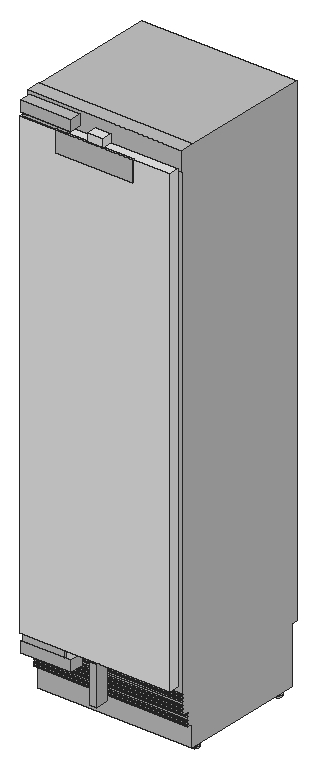
Revit family "FP_Revit_18_RS2484SLK1_Fridge_90001061A", category Specialty Equipment, Revit 2018
Family settings
  Round Connector Dimension = Use Diameter
  Part Type = Normal
  OmniClass Number = 23.40.40.11.11
  OmniClass Title = Refrigerators and Freezers
  Work Plane-Based = No
  Always vertical = Yes
  Cut with Voids When Loaded = Yes
  Shared = No
  Room Calculation Point = No
Parameters (values of type "RS2484SLK1")
  Visibility - Water Connection = no
  Visibility - Visibility Control Note = yes
  Visibility - Clearance Required = yes
  URL = "www.fisherpaykel.com"
  Stainless Steel Door Panels (RD2484L4D) = no
  Product - Width = 603 mm  # constant formula
  Product - Height = 2134 mm  # constant formula
  Product - Depth (exl front panel) = 610 mm  # constant formula
  Model = "RS2484SLK1"
  Material - Handle = Fisher & Paykel - Aluminium
  Material - Door Structure = Fisher & Paykel - White
  Material - Door Front = Fisher & Paykel - Stainless Steel
  Material - Body = Fisher & Paykel - Grey
  Manufacturer = "Fisher & Paykel Appliances"
  Handle Style - Professional Square (AHV2-RD84) = no
  Handle Style - Professional Round (AHC-RD84) = no
  Handle Style - Contemporary Square (AHD3-RD84) = no
  Handle Style - Contemporary Round (AHS-RD84) = no
  Description = "24\" Integrated Column Refrigerator, stainless steel interior"
  Connector Description - Water = "Water Supply not required"
  Connector Description - Electrical = "120 V, 10 amp fused electrical supply"
  Cavity - Width = 610 mm  # constant formula
  Cavity - Height = 2134 mm  # constant formula
  Cavity - Depth = 635 mm  # constant formula
Types (4, lengths in mm): name | Visibility - Water Connection | Model | Description | Connector Description - Water
  (no name) | no | "RS2484SLK1" | "24\" Integrated Column Refrigerator, stainless steel interior" | "Water Supply not required"
  RS2484SLK1 | no | "RS2484SLK1" | "24\" Integrated Column Refrigerator, stainless steel interior" | "Water Supply not required"
  RS2484SLHK1 | yes | "RS2484SLHK1" | "24\" Integrated Column Refrigerator with internal water, stainless steel interior" | "1/4\" (6mm) comp. stainless steel braided hose"
  RS2484SL1 | no | "RS2484SL1" | "24\" Integrated Column Refrigerator with white interior" | "Water Supply not required"
Reference planes
  plane 1 "Datum": y = 0
  plane 2: z = 0
  plane 3 "Center (Left/Right)": x = 0
  plane 4 "Product LHS": x = -301.5
  plane 5 "Product RHS": x = 301.5
  plane 6 "Product - Depth": y = 610
  plane 7 "Cavity LHS": x = -305
  plane 8 "Cavity RHS": x = 305
  plane 9 "Cavity - Depth": y = 612.9
  plane 10 "Handle Offset": x = 238.5
  plane 11 "Product Height": z = 2134
  plane 12 "Cavity Height": z = 2134
  plane 13 "Door Panel Datum": y = -4.1
Forms (mm)
  Extrusion 1, solid, material "Fisher & Paykel - Grey" <- "Material - Body", detail levels fine
    sketch origin (0, 0, 0) x (0, 1, 0) y (0, 0, 1)
      loop
        line (100.1, 19.1) -> (587.9, 19.1) -> (587.9, 239.7) -> (610, 239.7) -> (610, 2131.9) -> (105.1, 2131.9) -> (105.1, 2134) -> (49.9, 2134) -> (49.9, 2059) -> (56, 2059) -> (56, 228.6) -> (59.5, 228.6) -> (59.5, 219.7) -> (56.5, 219.7) -> (56.5, 215.9) -> (59.5, 215.9) -> (59.5, 207) -> (56.5, 207) -> (56.5, 203.2) -> (59.5, 203.2) -> (59.5, 194.3) -> (56.5, 194.3) -> (56.5, 190.5) -> (59.5, 190.5) -> (59.5, 181.6) -> (56.5, 181.6) -> (56.5, 177.8) -> (59.5, 177.8) -> (59.5, 168.9) -> (56.5, 168.9) -> (56.5, 165.1) -> (59.5, 165.1) -> (59.5, 156.2) -> (56.5, 156.2) -> (56.5, 152.4) -> (84.1, 152.4) -> (84.1, 143.5) -> (81.1, 143.5) -> (81.1, 139.7) -> (84.1, 139.7) -> (84.1, 130.8) -> (81.1, 130.8) -> (81.1, 127) -> (84.1, 127) -> (84.1, 118.1) -> (81.1, 118.1) -> (81.1, 114.3) -> (84.1, 114.3) -> (84.1, 105.4) -> (81.1, 105.4) -> (81.1, 101.6) -> (100.1, 101.6) -> (100.1, 19.1)
    from -301.5 to 301.5
  Extrusion 2, solid, material "Fisher & Paykel - Grey" <- "Material - Body"
    sketch origin (0, 0, 0) x (1, 0, 0) y (0, 1, 0)
      loop
        circle (-281, 547.8) r 4.1
      loop
        circle (-281, 141.8) r 4.1
      loop
        circle (281, 547.8) r 4.1
      loop
        circle (281, 141.8) r 4.1
    from 3 to 19.1
  Extrusion 3, solid, material "Fisher & Paykel - Grey" <- "Material - Body"
    sketch origin (0, 0, 0) x (1, 0, 0) y (0, 1, 0)
      loop
        circle (-281, 547.8) r 14.5
      loop
        circle (-281, 141.8) r 14.555
      loop
        circle (281, 547.8) r 14.5
      loop
        circle (281, 141.8) r 14.555
    from 0 to 3
  Extrusion 4, solid, material "Fisher & Paykel - Grey" <- "Material - Body", detail levels fine
    sketch origin (0, 0, 0) x (1, 0, 0) y (0, 1, 0)
      loop
        line (-7.5, 49) -> (-13.797, -4.1) -> (13.797, -4.1) -> (7.5, 49) -> (-7.5, 49)
    from 104.2 to 254.2
  Extrusion 5, solid, material "Fisher & Paykel - Grey" <- "Material - Body", detail levels fine
    sketch origin (0, 0, 0) x (0, 1, 0) y (0, 0, 1)
      loop
        line (0, 2070.6) -> (0, 1988.6) -> (2, 1988.6) -> (2, 2068.6) -> (4, 2068.6) -> (4, 2070.6) -> (0, 2070.6)
    from -150 to 150
  Extrusion 6, solid, material "Fisher & Paykel - Grey" <- "Material - Body"
    sketch origin (0, 0, 0) x (1, 0, 0) y (0, 0, 1)
      loop
        circle (226.5, 119.813) r 5
      loop
        circle (-226.5, 119.813) r 5
    from -590 to -587.9
  Extrusion 7, solid, material "Fisher & Paykel - White" <- "Material - Door Structure"
    sketch origin (0, 0, 0) x (1, 0, 0) y (0, 1, 0)
      loop
        line (-276.5, 56) -> (-276.5, 42) -> (276.5, 42) -> (276.5, 56) -> (-276.5, 56)
    from 269.6 to 2030.7
  Extrusion 8, solid, material "Fisher & Paykel - White" <- "Material - Door Structure"
    sketch origin (0, 0, 0) x (1, 0, 0) y (0, 1, 0)
      loop
        line (-292.9, 42) -> (-292.9, 3) -> (292.9, 3) -> (292.9, 42) -> (-292.9, 42)
    from 254.2 to 2068.6
  Extrusion 9, solid, material "Fisher & Paykel - White" <- "Material - Door Structure", detail levels fine
    sketch origin (0, 0, 0) x (1, 0, 0) y (0, 0, 1)
      loop
        line (-29.5, 2100.1) -> (-29.5, 2068.6) -> (29.5, 2068.6) -> (29.5, 2100.1) -> (-29.5, 2100.1)
    from -42 to -3
  Extrusion 10, solid, material "Fisher & Paykel - Stainless Steel" <- "Material - Door Front", visible <- "Stainless Steel Door Panels (RD2484L4D)"
    sketch origin (0, 0, 0) x (0, 1, 0) y (0, 0, 1)
      loop
        line (-22.1, 2130.8) -> (-22.1, 102) -> (-4.1, 102) -> (-4.1, 2130.8) -> (-22.1, 2130.8)
    from -301.5 to 301.5
  Extrusion 11, solid, material "Fisher & Paykel - Grey" <- "Material - Body", detail levels coarse+medium
    sketch origin (0, 0, 0) x (0, 1, 0) y (0, 0, 1)
      loop
        line (49.9, 2134) -> (49.9, 2059) -> (56, 2059) -> (56, 152.4) -> (81.1, 152.4) -> (81.1, 101.6) -> (100.1, 101.6) -> (100.1, 19.1) -> (587.9, 19.1) -> (587.9, 239.7) -> (610, 239.7) -> (610, 2134) -> (49.9, 2134)
    from -301.5 to 301.5
  Extrusion 12, solid, material "Fisher & Paykel - Grey" <- "Material - Body", detail levels fine
    sketch origin (0, 0, 0) x (-1, 0, 0) y (0, 0, -1)
      loop
        line (289.9, -187.65) -> (95.42, -187.65) -> (95.42, -229.75) -> (289.9, -229.75) -> (289.9, -187.65)
    from -56 to -2.5
  Extrusion 13, solid, material "Fisher & Paykel - Grey" <- "Material - Body", detail levels fine
    sketch origin (0, 0, 0) x (-1, 0, 0) y (0, 0, -1)
      loop
        line (289.9, -2123.15) -> (289.9, -2081.05) -> (95.42, -2081.05) -> (95.42, -2123.15) -> (289.9, -2123.15)
    from -49 to -2.5
  Extrusion 14, solid, material "Fisher & Paykel - Grey" <- "Material - Body", detail levels fine
    sketch origin (0, 0, -4) x (0, 1, 0) y (0, 0, 1)
      loop
        arc (163.888, 23.1) -> (180.4, 13.63) -> (196.912, 23.1) r 19.13
        line (196.912, 23.1) -> (163.888, 23.1)
      loop
        arc (493.888, 23.1) -> (510.4, 13.63) -> (526.912, 23.1) r 19.13
        line (526.912, 23.1) -> (493.888, 23.1)
    from 191 to 219
  Extrusion 15, solid, material "Fisher & Paykel - Grey" <- "Material - Body", detail levels fine
    sketch origin (0, 0, -4) x (0, 1, 0) y (0, 0, -1)
      loop
        line (163.888, -23.1) -> (196.912, -23.1)
        arc (196.912, -23.1) -> (180.4, -13.63) -> (163.888, -23.1) r 19.13
      loop
        line (493.888, -23.1) -> (526.912, -23.1)
        arc (526.912, -23.1) -> (510.4, -13.63) -> (493.888, -23.1) r 19.13
    from 191 to 219
  Extrusion 16, solid, material "Fisher & Paykel - Clearance Required", visible <- "Visibility - Clearance Required", detail levels coarse
    sketch origin (0, 0, 0) x (1, 0, 0) y (0, 1, 0)
      loop
        line (-305, 612.9) -> (-305, -4.1) -> (305, -4.1) -> (305, 612.9) -> (-305, 612.9)
    from 0 to 2134
  Extrusion 17, void
    sketch origin (0, 0, 0) x (1, 0, 0) y (0, 1, 0)
      loop
        line (-305, 612.9) -> (-305, -22.1) -> (305, -22.1) -> (305, 612.9) -> (-305, 612.9)
    from 0 to 2134
  Extrusion 18, solid, material "Fisher & Paykel - Clearance Required", visible <- "Visibility - Clearance Required", detail levels coarse
    sketch origin (0, 0, 0) x (-1, 0, 0) y (0, -1, 0)
      loop
        line (-301.5, 22.1) -> (301.5, 22.1)
        arc (301.5, 22.1) -> (310.616, 38.605) -> (329.441, 39.678) r 19.5
        line (329.441, 39.678) -> (550.259, 513.225) -> (574.757, 501.802)
        arc (574.757, 501.802) -> (598.013, 510.267) -> (589.549, 533.523) r 17.5
        line (589.549, 533.523) -> (565.051, 544.946) -> (584.28, 586.183)
        arc (584.28, 586.183) -> (-13.376, 547.171) -> (-301.5, 22.1) r 622.5
    from 0 to 2134
  Extrusion 19, solid, material "Fisher & Paykel - Grey" <- "Material - Body", detail levels fine
    sketch origin (0, 0, 0) x (-1, 0, 0) y (0, 0, -1)
      loop
        line (118.4, -254.2) -> (282.9, -254.2) -> (282.9, -229.75) -> (118.4, -229.75) -> (118.4, -254.2)
      loop
        line (106, -2081.05) -> (242.9, -2081.05) -> (282.9, -2076.05) -> (282.9, -2068.6) -> (106, -2068.6) -> (106, -2081.05)
    from -7 to -4
Lines and regions (mm)
  model lines, style "Fisher & Paykel"
    curve 1: line (-301.5, -4.1, 2130.8) -> (301.5, -4.1, 2130.8)
    curve 2: line (-301.5, -4.1, 102) -> (-301.5, -4.1, 2130.8)
    curve 3: line (301.5, -4.1, 102) -> (-301.5, -4.1, 102)
    curve 4: line (301.5, -4.1, 2130.8) -> (301.5, -4.1, 102)
Text (mm)
  text "Due to ongoing product development, product details are subject to change without notice. \nPlease always refer to www.fisherpaykel.com for the most current product information. \n© Fisher & Paykel 2020" at (41.04, -678.295, 0), in view "Ref. Level (Plan)"
Dimensions and locks
  equal spacing: plane 4 "Product LHS", plane 3 "Center (Left/Right)", plane 5 "Product RHS"
  "Product - Width": plane 4 "Product LHS" to plane 5 "Product RHS"
  "Product - Depth (exl front panel)": plane 1 "Datum" to plane 6 "Product - Depth"
  equal spacing: plane 7 "Cavity LHS", plane 3 "Center (Left/Right)", plane 8 "Cavity RHS"
  "Cavity - Width": plane 7 "Cavity LHS" to plane 8 "Cavity RHS"
  plane 4 "Product LHS" to Extrusion 2 sketch curve = 24.6 mm
  plane 4 "Product LHS" to plane 10 "Handle Offset" = 540 mm
  Extrusion 6 sketch curve to Extrusion 1 = 119.887 mm  (x2)
  Extrusion 6 sketch curve to plane 5 "Product RHS" = 75 mm
  plane 4 "Product LHS" to Extrusion 6 sketch curve = 75 mm
  Extrusion 1 sketch curve to Extrusion 1 sketch curve = 82.5 mm
  Extrusion 1 sketch curve to Extrusion 1 sketch curve = 209.5 mm
  Extrusion 3 to level = 3 mm
  Extrusion 11 to Extrusion 8 = 235.1 mm
  Extrusion 11 to Extrusion 7 = 250.5 mm
  Extrusion 11 to Extrusion 11 = 2114.9 mm
  Extrusion 11 to Extrusion 10 = 82.9 mm
  "Product - Height": level to plane 11 "Product Height"
  plane 11 "Product Height" to Extrusion 10 = 3.2 mm
  Extrusion 8 to plane 11 "Product Height" = 65.4 mm
  Extrusion 7 to plane 11 "Product Height" = 103.3 mm
  Extrusion 11 sketch curve to plane 11 "Product Height" = 75 mm
  Extrusion 1 sketch curve to plane 11 "Product Height" = 2.1 mm
  Extrusion 1 sketch curve to plane 11 "Product Height" = 75 mm
  "Cavity - Height": plane 12 "Cavity Height" to level
  plane 1 "Datum" to Extrusion 16 = 612.9 mm
  plane 1 "Datum" to Extrusion 17 = 612.9 mm
  Extrusion 19 sketch curve to Extrusion 19 sketch curve = 40 mm
  Extrusion 19 sketch curve to Extrusion 19 sketch curve = 176.9 mm
  plane 3 "Center (Left/Right)" to Extrusion 19 sketch curve = 106 mm
  plane 3 "Center (Left/Right)" to Extrusion 19 sketch curve = 118.4 mm
  plane 1 "Datum" to Extrusion 18 = 22.1 mm
  "Cavity - Depth": plane 9 "Cavity - Depth" to Extrusion 18
  plane 10 "Handle Offset" to plane 5 "Product RHS" = 63 mm
  radius of Extrusion 6 sketch curve = 5 mm
  aligned and locked: level to plane 2
  aligned and locked: Extrusion 10 to plane 5 "Product RHS"
  aligned and locked: plane 4 "Product LHS" to Extrusion 10
  aligned and locked: Extrusion 11 to plane 5 "Product RHS"
  aligned and locked: Extrusion 11 to plane 4 "Product LHS"
  aligned and locked: Extrusion 11 sketch curve to plane 11 "Product Height"
  aligned and locked: plane 11 "Product Height" to Extrusion 1 sketch curve
  aligned and locked: Extrusion 14 sketch curve to Extrusion 14 sketch curve
  aligned and locked: Extrusion 15 sketch curve to Extrusion 15 sketch curve
  aligned and locked: Extrusion 1 to plane 5 "Product RHS"
  aligned and locked: plane 4 "Product LHS" to Extrusion 1
  aligned and locked: Extrusion 2 to Extrusion 1
  aligned and locked: nested 5 to plane 10 "Handle Offset"
  aligned and locked: nested 4 to plane 10 "Handle Offset"
  aligned and locked: nested 3 to plane 10 "Handle Offset"
  aligned and locked: nested 2 to plane 10 "Handle Offset"
Automatic sketch dimensions
  Extrusion 2 sketch curve to plane 4 "Product LHS" = 20.5 mm  (x2)
  plane 5 "Product RHS" to Extrusion 2 sketch curve = 20.5 mm  (x2)
  Extrusion 2 sketch curve to plane 1 "Datum" = 141.8 mm  (x2)
  Extrusion 2 sketch curve to plane 6 "Product - Depth" = 62.2 mm  (x2)
  Extrusion 3 sketch curve to plane 4 "Product LHS" = 20.5 mm  (x2)
  plane 5 "Product RHS" to Extrusion 3 sketch curve = 20.5 mm  (x2)
  Extrusion 3 sketch curve to plane 1 "Datum" = 141.8 mm  (x2)
  Extrusion 3 sketch curve to plane 6 "Product - Depth" = 62.2 mm  (x2)
  plane 1 "Datum" to Extrusion 4 sketch curve = 4.1 mm
  Extrusion 4 sketch curve to plane 3 "Center (Left/Right)" = 13.797 mm
  Extrusion 4 sketch curve to plane 3 "Center (Left/Right)" = 7.5 mm
  plane 3 "Center (Left/Right)" to Extrusion 4 sketch curve = 7.5 mm
  plane 3 "Center (Left/Right)" to Extrusion 4 sketch curve = 13.797 mm
  Extrusion 4 sketch curve to plane 1 "Datum" = 49 mm
  Extrusion 5 sketch curve to plane 1 "Datum" = 0 mm
  Extrusion 5 sketch curve to plane 1 "Datum" = 2 mm
  Extrusion 5 sketch curve to Extrusion 5 sketch curve = 2 mm  (x2)
  plane 11 "Product Height" to Extrusion 5 sketch curve = 145.4 mm
  plane 11 "Product Height" to Extrusion 5 sketch curve = 65.4 mm
  Extrusion 7 sketch curve to plane 4 "Product LHS" = 25 mm
  plane 5 "Product RHS" to Extrusion 7 sketch curve = 25 mm
  Extrusion 7 sketch curve to plane 1 "Datum" = 42 mm
  Extrusion 7 sketch curve to Extrusion 7 sketch curve = 14 mm
  Extrusion 8 sketch curve to plane 1 "Datum" = 3 mm
  Extrusion 8 sketch curve to plane 4 "Product LHS" = 8.6 mm
  plane 5 "Product RHS" to Extrusion 8 sketch curve = 8.6 mm
  Extrusion 8 sketch curve to Extrusion 8 sketch curve = 39 mm
  Extrusion 9 sketch curve to plane 3 "Center (Left/Right)" = 29.5 mm
  plane 3 "Center (Left/Right)" to Extrusion 9 sketch curve = 29.5 mm
  plane 11 "Product Height" to Extrusion 9 sketch curve = 65.4 mm
  Extrusion 9 sketch curve to Extrusion 9 sketch curve = 31.5 mm
  plane 1 "Datum" to Extrusion 10 sketch curve = 22.1 mm
  plane 1 "Datum" to Extrusion 10 sketch curve = 4.1 mm
  level to Extrusion 10 sketch curve = 102 mm
  plane 11 "Product Height" to Extrusion 10 sketch curve = 3.2 mm
  plane 3 "Center (Left/Right)" to Extrusion 12 sketch curve = 95.42 mm
  plane 4 "Product LHS" to Extrusion 12 sketch curve = 11.6 mm
  Extrusion 12 sketch curve to level = 187.65 mm
  Extrusion 12 sketch curve to Extrusion 12 sketch curve = 42.1 mm
  Extrusion 13 sketch curve to plane 11 "Product Height" = 10.85 mm
  plane 3 "Center (Left/Right)" to Extrusion 13 sketch curve = 95.42 mm
  plane 4 "Product LHS" to Extrusion 13 sketch curve = 11.6 mm
  Extrusion 13 sketch curve to Extrusion 13 sketch curve = 42.1 mm
  Extrusion 14 sketch curve to plane 1 "Datum" = 163.888 mm
  Extrusion 14 sketch curve to Extrusion 14 sketch curve = 16.512 mm  (x2)
  Extrusion 14 sketch curve to plane 6 "Product - Depth" = 116.112 mm
  Extrusion 14 sketch curve to Extrusion 14 sketch curve = 9.66 mm  (x2)
  Extrusion 15 sketch curve to plane 1 "Datum" = 163.888 mm
  Extrusion 15 sketch curve to Extrusion 15 sketch curve = 16.512 mm  (x2)
  Extrusion 15 sketch curve to plane 6 "Product - Depth" = 116.112 mm
  Extrusion 15 sketch curve to Extrusion 15 sketch curve = 9.66 mm  (x2)
  Extrusion 16 sketch curve to plane 7 "Cavity LHS" = 0 mm
  Extrusion 16 sketch curve to plane 8 "Cavity RHS" = 0 mm
  Extrusion 16 sketch curve to plane 9 "Cavity - Depth" = 0 mm
  plane 1 "Datum" to Extrusion 16 sketch curve = 4.1 mm
  Extrusion 17 sketch curve to plane 7 "Cavity LHS" = 0 mm
  Extrusion 17 sketch curve to plane 8 "Cavity RHS" = 0 mm
  plane 9 "Cavity - Depth" to Extrusion 17 sketch curve = 0 mm
  plane 1 "Datum" to Extrusion 17 sketch curve = 22.1 mm
  Extrusion 18 sketch curve to Extrusion 18 sketch curve = 0 mm  (x2)
  Extrusion 18 sketch curve to plane 5 "Product RHS" = 0 mm
  Extrusion 18 sketch curve to plane 4 "Product LHS" = 0 mm
  Extrusion 18 sketch curve to plane 7 "Cavity LHS" = 16 mm
  Extrusion 18 sketch curve to Extrusion 18 sketch curve = 8.441 mm
  Extrusion 18 sketch curve to plane 7 "Cavity LHS" = 245.259 mm
  Extrusion 18 sketch curve to Extrusion 18 sketch curve = 14.792 mm
  Extrusion 18 sketch curve to Extrusion 18 sketch curve = 24.498 mm
  Extrusion 18 sketch curve to Extrusion 18 sketch curve = 7.396 mm  (x2)
  Extrusion 18 sketch curve to Extrusion 18 sketch curve = 19.229 mm
  Extrusion 18 sketch curve to plane 1 "Datum" = 586.183 mm
  Extrusion 18 sketch curve to Extrusion 18 sketch curve = 41.237 mm
  Extrusion 18 sketch curve to Extrusion 18 sketch curve = 15.86 mm
  Extrusion 19 sketch curve to plane 11 "Product Height" = 52.95 mm
  plane 4 "Product LHS" to Extrusion 19 sketch curve = 18.6 mm
  Extrusion 19 sketch curve to Extrusion 19 sketch curve = 5 mm
  Extrusion 19 sketch curve to Extrusion 19 sketch curve = 12.45 mm
  Extrusion 19 sketch curve to level = 254.2 mm
  Extrusion 19 sketch curve to Extrusion 19 sketch curve = 24.45 mm
  Extrusion 11 sketch curve to plane 6 "Product - Depth" = 0 mm
  Extrusion 11 sketch curve to plane 6 "Product - Depth" = 22.1 mm
  Extrusion 11 sketch curve to plane 1 "Datum" = 100.1 mm
  Extrusion 11 sketch curve to Extrusion 11 sketch curve = 19 mm
  Extrusion 11 sketch curve to plane 1 "Datum" = 56 mm
  Extrusion 11 sketch curve to plane 1 "Datum" = 49.9 mm
  level to Extrusion 11 sketch curve = 152.4 mm
  Extrusion 11 sketch curve to Extrusion 11 sketch curve = 50.8 mm
  level to Extrusion 11 sketch curve = 19.1 mm
  Extrusion 11 sketch curve to Extrusion 11 sketch curve = 220.6 mm
  level to Extrusion 14 sketch curve = 19.1 mm
  level to Extrusion 15 sketch curve = 28.76 mm
  Extrusion 1 sketch curve to plane 6 "Product - Depth" = 0 mm
  Extrusion 1 sketch curve to Extrusion 1 sketch curve = 22.1 mm
  Extrusion 1 sketch curve to plane 1 "Datum" = 105.1 mm
  level to Extrusion 1 sketch curve = 19.1 mm
  Extrusion 1 sketch curve to plane 1 "Datum" = 100.1 mm
  Extrusion 1 sketch curve to Extrusion 1 sketch curve = 16 mm
  Extrusion 1 sketch curve to Extrusion 1 sketch curve = 0 mm  (x8)
  Extrusion 1 sketch curve to Extrusion 1 sketch curve = 3 mm  (x10)
  Extrusion 1 sketch curve to plane 1 "Datum" = 59.5 mm
  Extrusion 1 sketch curve to plane 1 "Datum" = 56 mm
  Extrusion 1 sketch curve to plane 1 "Datum" = 49.9 mm
  Extrusion 1 sketch curve to Extrusion 1 sketch curve = 3.8 mm  (x10)
  Extrusion 1 sketch curve to Extrusion 1 sketch curve = 8.9 mm  (x9)
  Extrusion 1 sketch curve to Extrusion 1 sketch curve = 220.6 mm
  plane 5 "Product RHS" to curve 1 = 0 mm
  plane 4 "Product LHS" to curve 3 = 0 mm
  level to curve 3 = 102 mm
  plane 11 "Product Height" to curve 2 = 3.2 mm
  radius of Extrusion 2 sketch curve = 4.1 mm  (x3)
  radius of Extrusion 3 sketch curve = 14.5 mm  (x2)
  radius of Extrusion 3 sketch curve = 14.555 mm  (x2)
  radius of Extrusion 6 sketch curve = 5 mm
Nested families
  nested 1: "Visibility Control Note 18" at (0, 0, 0), visible <- "Visibility - Visibility Control Note", type "Visibility Control Note 18"
  nested 2: "Handle Contemporary Round - Vertical" at (238.5, -22.1, 1242.58), visible <- "Handle Style - Contemporary Round (AHS-RD84)", type "AHS-RD84 - Contemporary round handle (Vertical) 852mm"
  nested 3: "Handle Contemporary Square - Vertical" at (238.5, -22.1, 1242.58), visible <- "Handle Style - Contemporary Square (AHD3-RD84)", type "AHD3-RD84 - Contemporary square handle (Vertical) 852mm"
  nested 4: "Handle Professional Round - Vertical" at (238.5, -22.1, 1242.58), visible <- "Handle Style - Professional Round (AHC-RD84)", type "AHC-RD84 - Professional round handle (Vertical) 786mm"
  nested 5: "Handle Professional Square - Vertical" at (238.5, -22.1, 1242.58), visible <- "Handle Style - Professional Square (AHV2-RD84)", type "AHV2-RD84 - Professional square handle (Vertical) 792mm"
Connectors
  electrical at (-226.5, 590, 119.813), driven by "Connector Description - Electrical"
    settings: on Extrusion 6, index 1, voltage 120 V, apparent load 0 VA, apparent load phase1 0 VA, apparent load phase2 0 VA, apparent load phase3 0 VA, power factor 1, load classification "Other", number of poles 1, system type 30, power factor state 1, is connector primary yes, connector utility no, sub classification motor no, connector description "120 V, 10 amp fused electrical supply"
  piping at (226.5, 590, 119.813), diameter 12.7, driven by "Visibility - Water Connection", driven by "Connector Description - Water"
    settings: on Extrusion 6, index 2, connector inside diameter 609.6 mm, connector length 0 mm, flow factor 0, pipe flow 0.0 L/s, pressure drop 0.0 Pa, fitting loss kfactor 0, connector angle 0.00°, fixture units 0, engagement length 0 mm, angle of deflection 0.00°, flow configuration 0, flow direction 1, fitting loss method 0, system type 20, joint type 0, gender type 0, connector reference index -1, connector utility 0, adjustable connector no, is connector primary yes, connector description "Water Supply not required"
Definition of nested family "Handle Contemporary Round - Vertical"
  Parameters (values of type "AHSRS80A - Contemporary round handle (1 of 2) (Vertical) 727mm")
    URL = "www.fisherpaykel.com"
    Material - Handle = none
    Manufacturer = "Fisher & Paykel Appliances"
    Handle - Length = 727 mm
  Types (6, lengths in mm): name | Handle - Length
    AHS-RD21 - Contemporary round handle (Vertical) 852mm | 852
    AHSRD2484W - Contemporary round handle (1 of 2) (Vertical) 727mm | 727
    AHSRD3084W - Contemporary round handle (1 of 2) (Vertical) 727mm | 727
    AHS-RD84 - Contemporary round handle (Vertical) 852mm | 852
    AHSRS3272A - Contemporary round handle (1 of 2) (Vertical) 727mm | 727
    AHSRS80A - Contemporary round handle (1 of 2) (Vertical) 727mm | 727
  Reference planes
    plane 1 "Center (Front/Back)": y = 0
    plane 2: z = 0
    plane 3 "Center (Left/Right)": x = 0
    plane 4 "Top": z = 363.5
    plane 5 "Bottom": z = -363.5
    plane 6 "Top Standoff": z = 243.5
    plane 7 "Bottom Standoff": z = -243.5
  Forms (mm)
    Extrusion 1, solid, material <- "Material - Handle"
      sketch origin (0, 0, 0) x (1, 0, 0) y (0, 1, 0)
        loop
          circle (0, -32.3) r 8.7
      from -243.5 to 243.5
    Extrusion 2, solid, material <- "Material - Handle", detail levels fine
      sketch origin (0, 0, 0) x (1, 0, 0) y (0, 1, 0)
        loop
          line (-8.7, 0) -> (-8.7, -32.3)
          arc (-8.7, -32.3) -> (0, -41) -> (8.7, -32.3) r 8.7
          line (8.7, -32.3) -> (8.7, 0) -> (-8.7, 0)
      from 243.5 to 363.5
    Extrusion 3, solid, material <- "Material - Handle", detail levels fine
      sketch origin (0, 0, 0) x (1, 0, 0) y (0, 1, 0)
        loop
          line (-8.7, 0) -> (-8.7, -32.3)
          arc (-8.7, -32.3) -> (0, -41) -> (8.7, -32.3) r 8.7
          line (8.7, -32.3) -> (8.7, 0) -> (-8.7, 0)
      from -363.5 to -243.5
    Sweep 4, void
      path in 3D
        loop
          line (8.7, 0, -363.5) -> (8.7, -32.3, -363.5)
          arc (8.7, -32.3, -363.5) -> (0, -41, -363.5) -> (-8.7, -32.3, -363.5) r 8.7
          line (-8.7, -32.3, -363.5) -> (-8.7, 0, -363.5)
      profile origin (8.7, -16.15, -363.5) x (-1, 0, 0) y (0, 0, -1)
        loop
          line (0, 0) -> (0, -1) -> (1, 0) -> (0, 0)
    Sweep 5, void
      path in 3D
        loop
          line (-8.7, 0, 363.5) -> (-8.7, -32.3, 363.5)
          arc (-8.7, -32.3, 363.5) -> (0, -41, 363.5) -> (8.7, -32.3, 363.5) r 8.7
          line (8.7, -32.3, 363.5) -> (8.7, 0, 363.5)
      profile origin (8.7, -16.15, 363.5) x (-1, 0, 0) y (0, 0, 1)
        loop
          line (0, 0) -> (0, -1) -> (1, 0) -> (0, 0)
    Extrusion 6, solid, material <- "Material - Handle", detail levels coarse+medium
      sketch origin (0, 0, 0) x (1, 0, 0) y (0, 1, 0)
        loop
          line (-8.7, 0) -> (-8.7, -32.3)
          arc (-8.7, -32.3) -> (0, -41) -> (8.7, -32.3) r 8.7
          line (8.7, -32.3) -> (8.7, 0) -> (-8.7, 0)
      from 243.5 to 363.5
    Extrusion 7, solid, material <- "Material - Handle", detail levels coarse+medium
      sketch origin (0, 0, 0) x (1, 0, 0) y (0, 1, 0)
        loop
          line (-8.7, 0) -> (-8.7, -32.3)
          arc (-8.7, -32.3) -> (0, -41) -> (8.7, -32.3) r 8.7
          line (8.7, -32.3) -> (8.7, 0) -> (-8.7, 0)
      from -363.5 to -243.5
  Cuts and joins
    Sweep 4 cuts Extrusion 3
    Sweep 5 cuts Extrusion 2
  Lines and regions (mm)
    sketch lines
      curve 1: line (8.7, 0, -363.5) -> (8.7, -32.3, -363.5)
      curve 2: arc (-8.7, -32.3, -363.5) -> (0, -41, -363.5) -> (8.7, -32.3, -363.5) r 8.7
      curve 3: line (-8.7, -32.3, -363.5) -> (-8.7, 0, -363.5)
      curve 4: line (8.7, -32.3, 363.5) -> (8.7, 0, 363.5)
      curve 5: arc (8.7, -32.3, 363.5) -> (0, -41, 363.5) -> (-8.7, -32.3, 363.5) r 8.7
      curve 6: line (-8.7, 0, 363.5) -> (-8.7, -32.3, 363.5)
  Dimensions and locks
    equal spacing: plane 4 "Top", level, plane 5 "Bottom"
    "Handle - Length": plane 4 "Top" to plane 5 "Bottom"
    locked: plane 4 "Top" to plane 6 "Top Standoff" at 120
    locked: plane 7 "Bottom Standoff" to plane 5 "Bottom" at 120
    Extrusion 2 sketch curve to Extrusion 2 sketch curve = 17.4 mm
    Extrusion 3 sketch curve to Extrusion 3 sketch curve = 17.4 mm
    Extrusion 6 sketch curve to Extrusion 6 sketch curve = 17.4 mm
    Extrusion 7 sketch curve to Extrusion 7 sketch curve = 17.4 mm
    aligned and locked: level to plane 2
    aligned and locked: plane 4 "Top" to Extrusion 2
    aligned and locked: Extrusion 3 to plane 5 "Bottom"
    aligned and locked: plane 7 "Bottom Standoff" to Extrusion 3
    aligned and locked: Extrusion 1 to plane 7 "Bottom Standoff"
    aligned and locked: plane 6 "Top Standoff" to Extrusion 1
    aligned and locked: Extrusion 2 to Extrusion 1
    aligned and locked: Extrusion 6 to Extrusion 1
    aligned and locked: plane 4 "Top" to Extrusion 6
    aligned and locked: Extrusion 7 to Extrusion 1
    aligned and locked: Extrusion 7 to plane 5 "Bottom"
  Automatic sketch dimensions
    Extrusion 1 sketch curve to plane 3 "Center (Left/Right)" = 0 mm
    plane 1 "Center (Front/Back)" to Extrusion 1 sketch curve = 32.3 mm
    plane 1 "Center (Front/Back)" to Extrusion 2 sketch curve = 0 mm
    Extrusion 2 sketch curve to plane 3 "Center (Left/Right)" = 0 mm
    Extrusion 2 sketch curve to plane 3 "Center (Left/Right)" = 8.7 mm
    plane 1 "Center (Front/Back)" to Extrusion 2 sketch curve = 32.3 mm
    plane 1 "Center (Front/Back)" to Extrusion 3 sketch curve = 0 mm
    Extrusion 3 sketch curve to plane 3 "Center (Left/Right)" = 0 mm
    Extrusion 3 sketch curve to plane 3 "Center (Left/Right)" = 8.7 mm
    plane 1 "Center (Front/Back)" to Extrusion 3 sketch curve = 32.3 mm
    Sweep 4 sketch curve to profile plane = 0 mm  (x2)
    Sweep 4 sketch curve to profile plane = 1 mm  (x2)
    Sweep 5 sketch curve to profile plane = 0 mm  (x2)
    Sweep 5 sketch curve to profile plane = 1 mm  (x2)
    Extrusion 6 sketch curve to plane 3 "Center (Left/Right)" = 0 mm
    Extrusion 6 sketch curve to plane 3 "Center (Left/Right)" = 8.7 mm
    plane 1 "Center (Front/Back)" to Extrusion 6 sketch curve = 32.3 mm
    Extrusion 6 sketch curve to Extrusion 6 sketch curve = 32.3 mm
    Extrusion 7 sketch curve to plane 3 "Center (Left/Right)" = 0 mm
    Extrusion 7 sketch curve to plane 3 "Center (Left/Right)" = 8.7 mm
    plane 1 "Center (Front/Back)" to Extrusion 7 sketch curve = 32.3 mm
    Extrusion 7 sketch curve to Extrusion 7 sketch curve = 32.3 mm
    radius of Extrusion 1 sketch curve = 8.7 mm
Definition of nested family "Handle Contemporary Square - Vertical"
  Parameters (values of type "AHD3RS80A - Contemporary square handle (1 of 2) (Vertical) 727mm")
    URL = "www.fisherpaykel.com"
    Material - Handle = none
    Manufacturer = "Fisher & Paykel Appliances"
    Handle - Length = 727 mm
  Types (7, lengths in mm): name | Handle - Length
    (no name) | 727
    AHD3-RD21 - Contemporary square handle (Vertical) 852mm | 852
    AHD3RD2484W - Contemporary square handle (1 of 2) (Vertical) 727mm | 727
    AHD3RD3084W - Contemporary square handle (1 of 2) (Vertical) 727mm | 727
    AHD3-RD84 - Contemporary square handle (Vertical) 852mm | 852
    AHD3RS3272A - Contemporary square handle (1 of 2) (Vertical) 727mm | 727
    AHD3RS80A - Contemporary square handle (1 of 2) (Vertical) 727mm | 727
  Reference planes
    plane 1 "Center (Front/Back)": y = 0
    plane 2: z = 0
    plane 3 "Center (Left/Right)": x = 0
    plane 4 "Top": z = 363.5
    plane 5 "Bottom": z = -363.5
    plane 6 "Top Standoff": z = 243.5
    plane 7 "Bottom Standoff": z = -243.5
  Forms (mm)
    Extrusion 1, solid, material <- "Material - Handle", detail levels fine
      sketch origin (0, 0, 0) x (1, 0, 0) y (0, 1, 0)
        loop
          arc (-7.583, -28.701) -> (-7.89, -29.057) -> (-8, -29.514) r 1
          line (-8, -29.514) -> (-8, -40.5)
          arc (-8, -40.5) -> (-7.561, -41.561) -> (-6.5, -42) r 1.5
          line (-6.5, -42) -> (6.5, -42)
          arc (6.5, -42) -> (7.561, -41.561) -> (8, -40.5) r 1.5
          line (8, -40.5) -> (8, -29.487)
          arc (8, -29.487) -> (7.889, -29.029) -> (7.58, -28.673) r 1
          arc (7.58, -28.673) -> (-0.006, -26.256) -> (-7.583, -28.701) r 13.038
      from -363.5 to 363.5
    Extrusion 2, solid, material <- "Material - Handle", detail levels fine
      sketch origin (0, 0, 0) x (1, 0, 0) y (0, 1, 0)
        loop
          arc (7.058, -28.23) -> (7.466, -28.244) -> (7.674, -27.893) r 0.4
          line (7.674, -27.893) -> (7.674, 0) -> (-7.674, 0) -> (-7.674, -27.86)
          arc (-7.674, -27.86) -> (-7.467, -28.21) -> (-7.06, -28.198) r 0.4
          arc (-7.06, -28.198) -> (0.004, -26.156) -> (7.058, -28.23) r 13.136
      from 243.5 to 363.5
    Extrusion 3, solid, material <- "Material - Handle", detail levels fine
      sketch origin (0, 0, 0) x (1, 0, 0) y (0, 1, 0)
        loop
          arc (7.058, -28.23) -> (7.466, -28.244) -> (7.674, -27.893) r 0.4
          line (7.674, -27.893) -> (7.674, 0) -> (-7.674, 0) -> (-7.674, -27.86)
          arc (-7.674, -27.86) -> (-7.467, -28.21) -> (-7.06, -28.198) r 0.4
          arc (-7.06, -28.198) -> (0.004, -26.156) -> (7.058, -28.23) r 13.136
      from -363.5 to -243.5
    Sweep 4, void
      path in 3D
        loop
          line (-8, -29.514, 363.5) -> (-8, -40.5, 363.5)
          arc (-8, -40.5, 363.5) -> (-7.561, -41.561, 363.5) -> (-6.5, -42, 363.5) r 1.5
          line (-6.5, -42, 363.5) -> (6.5, -42, 363.5)
          arc (6.5, -42, 363.5) -> (7.561, -41.561, 363.5) -> (8, -40.5, 363.5) r 1.5
          line (8, -40.5, 363.5) -> (8, -29.487, 363.5)
      profile origin (8, -34.994, 363.5) x (-1, 0, 0) y (0, 0, 1)
        loop
          line (0, 0) -> (0, -1.3) -> (1.3, 0) -> (0, 0)
    Sweep 5, void
      path in 3D
        loop
          line (8, -29.487, -363.5) -> (8, -40.5, -363.5)
          arc (8, -40.5, -363.5) -> (7.561, -41.561, -363.5) -> (6.5, -42, -363.5) r 1.5
          line (6.5, -42, -363.5) -> (-6.5, -42, -363.5)
          arc (-6.5, -42, -363.5) -> (-7.561, -41.561, -363.5) -> (-8, -40.5, -363.5) r 1.5
          line (-8, -40.5, -363.5) -> (-8, -29.514, -363.5)
      profile origin (8, -34.994, -363.5) x (-1, 0, 0) y (0, 0, -1)
        loop
          line (0, 0) -> (0, -1.3) -> (1.3, 0) -> (0, 0)
    Extrusion 6, void
      sketch origin (0, 0, 0) x (1, 0, 0) y (0, 0, 1)
        loop
          line (-8, -362.2) -> (-8, -363.5) -> (-6.7, -363.5) -> (-8, -362.2)
        loop
          line (8, -362.2) -> (6.7, -363.5) -> (8, -363.5) -> (8, -362.2)
      from 0 to 40
    Extrusion 7, void
      sketch origin (0, 0, 0) x (1, 0, 0) y (0, 0, 1)
        loop
          line (-8, 363.5) -> (-8, 362.2) -> (-6.7, 363.5) -> (-8, 363.5)
        loop
          line (8, 363.5) -> (6.7, 363.5) -> (8, 362.2) -> (8, 363.5)
      from 0 to 40
    Extrusion 8, solid, material <- "Material - Handle", detail levels coarse+medium
      sketch origin (0, 0, 0) x (0, 1, 0) y (0, 0, 1)
        loop
          line (0, 363.5) -> (-42, 363.5) -> (-42, -363.5) -> (0, -363.5) -> (0, -243.5) -> (-26.245, -243.5) -> (-26.245, 243.5) -> (0, 243.5) -> (0, 363.5)
      from -8 to 8
  Cuts and joins
    Sweep 4, Sweep 5, Extrusion 6, Extrusion 7 cuts Extrusion 1
    Extrusion 6 cuts Extrusion 3
    Extrusion 7 cuts Extrusion 2
  Lines and regions (mm)
    sketch lines
      curve 1: line (8, -40.5, 363.5) -> (8, -29.487, 363.5)
      curve 2: arc (8, -40.5, 363.5) -> (7.561, -41.561, 363.5) -> (6.5, -42, 363.5) r 1.5
      curve 3: line (-6.5, -42, 363.5) -> (6.5, -42, 363.5)
      curve 4: arc (-6.5, -42, 363.5) -> (-7.561, -41.561, 363.5) -> (-8, -40.5, 363.5) r 1.5
      curve 5: line (-8, -29.514, 363.5) -> (-8, -40.5, 363.5)
      curve 6: line (8, -29.487, -363.5) -> (8, -40.5, -363.5)
      curve 7: arc (6.5, -42, -363.5) -> (7.561, -41.561, -363.5) -> (8, -40.5, -363.5) r 1.5
      curve 8: line (6.5, -42, -363.5) -> (-6.5, -42, -363.5)
      curve 9: arc (-8, -40.5, -363.5) -> (-7.561, -41.561, -363.5) -> (-6.5, -42, -363.5) r 1.5
      curve 10: line (-8, -40.5, -363.5) -> (-8, -29.514, -363.5)
  Dimensions and locks
    equal spacing: plane 4 "Top", level, plane 5 "Bottom"
    "Handle - Length": plane 4 "Top" to plane 5 "Bottom"
    locked: plane 4 "Top" to plane 6 "Top Standoff" at 120
    locked: plane 7 "Bottom Standoff" to plane 5 "Bottom" at 120
    aligned and locked: level to plane 2
    aligned and locked: plane 4 "Top" to Extrusion 2
    aligned and locked: Extrusion 2 to plane 6 "Top Standoff"
    aligned and locked: plane 4 "Top" to Extrusion 1
    aligned and locked: Extrusion 1 to plane 5 "Bottom"
    aligned and locked: Extrusion 3 to plane 5 "Bottom"
    aligned and locked: plane 7 "Bottom Standoff" to Extrusion 3
    aligned and locked: plane 4 "Top" to Extrusion 8 sketch curve
    aligned and locked: plane 6 "Top Standoff" to Extrusion 8 sketch curve
    aligned and locked: plane 7 "Bottom Standoff" to Extrusion 8 sketch curve
    aligned and locked: plane 5 "Bottom" to Extrusion 8 sketch curve
    aligned and locked: plane 1 "Center (Front/Back)" to Extrusion 8 sketch curve  (x2)
  Automatic sketch dimensions
    Extrusion 1 sketch curve to plane 3 "Center (Left/Right)" = 8 mm
    Extrusion 1 sketch curve to Extrusion 1 sketch curve = 1 mm  (x2)
    Extrusion 1 sketch curve to Extrusion 1 sketch curve = 1.5 mm
    plane 3 "Center (Left/Right)" to Extrusion 1 sketch curve = 0.018 mm
    plane 3 "Center (Left/Right)" to Extrusion 1 sketch curve = 6.5 mm
    plane 3 "Center (Left/Right)" to Extrusion 1 sketch curve = 7 mm
    plane 1 "Center (Front/Back)" to Extrusion 1 sketch curve = 42 mm
    Extrusion 1 sketch curve to Extrusion 1 sketch curve = 1.206 mm
    Extrusion 1 sketch curve to Extrusion 1 sketch curve = 10.986 mm
    Extrusion 1 sketch curve to Extrusion 1 sketch curve = 11.013 mm
    Extrusion 1 sketch curve to Extrusion 1 sketch curve = 0 mm
    plane 1 "Center (Front/Back)" to Extrusion 2 sketch curve = 0 mm
    Extrusion 2 sketch curve to plane 3 "Center (Left/Right)" = 7.674 mm
    Extrusion 2 sketch curve to Extrusion 2 sketch curve = 0.4 mm  (x2)
    Extrusion 2 sketch curve to plane 3 "Center (Left/Right)" = 0.026 mm
    plane 3 "Center (Left/Right)" to Extrusion 2 sketch curve = 7.274 mm
    plane 1 "Center (Front/Back)" to Extrusion 2 sketch curve = 27.86 mm
    Extrusion 2 sketch curve to Extrusion 2 sketch curve = 0.033 mm
    Extrusion 2 sketch curve to Extrusion 2 sketch curve = 11.398 mm
    Extrusion 2 sketch curve to Extrusion 2 sketch curve = 0 mm
    plane 1 "Center (Front/Back)" to Extrusion 3 sketch curve = 0 mm
    Extrusion 3 sketch curve to Extrusion 3 sketch curve = 0.4 mm  (x2)
    Extrusion 3 sketch curve to Extrusion 3 sketch curve = 7.248 mm
    Extrusion 3 sketch curve to Extrusion 3 sketch curve = 7.3 mm
    plane 1 "Center (Front/Back)" to Extrusion 3 sketch curve = 27.86 mm
    Extrusion 3 sketch curve to Extrusion 3 sketch curve = 0.033 mm
    Extrusion 3 sketch curve to Extrusion 3 sketch curve = 11.398 mm
    Extrusion 3 sketch curve to Extrusion 3 sketch curve = 0 mm
    Sweep 4 sketch curve to profile plane = 0 mm  (x2)
    Sweep 4 sketch curve to profile plane = 1.3 mm  (x2)
    Sweep 5 sketch curve to profile plane = 0 mm  (x2)
    Sweep 5 sketch curve to profile plane = 1.3 mm  (x2)
    Extrusion 6 sketch curve to plane 5 "Bottom" = 0 mm  (x2)
    plane 5 "Bottom" to Extrusion 6 sketch curve = 1.3 mm  (x2)
    Extrusion 6 sketch curve to plane 3 "Center (Left/Right)" = 8 mm
    Extrusion 6 sketch curve to Extrusion 6 sketch curve = 1.3 mm  (x2)
    plane 3 "Center (Left/Right)" to Extrusion 6 sketch curve = 8 mm
    Extrusion 7 sketch curve to plane 4 "Top" = 0 mm  (x2)
    Extrusion 7 sketch curve to plane 3 "Center (Left/Right)" = 8 mm
    Extrusion 7 sketch curve to Extrusion 7 sketch curve = 1.3 mm  (x2)
    plane 3 "Center (Left/Right)" to Extrusion 7 sketch curve = 8 mm
    Extrusion 7 sketch curve to plane 4 "Top" = 1.3 mm  (x2)
    plane 1 "Center (Front/Back)" to Extrusion 8 sketch curve = 26.245 mm
    plane 1 "Center (Front/Back)" to Extrusion 8 sketch curve = 42 mm
    Extrusion 3 sketch curve to plane 3 "Center (Left/Right)" = 7.674 mm
Definition of nested family "Handle Professional Round - Vertical"
  Parameters (values of type "AHCRD2484W - Professional round handle (1 of 2) (Vertical) 661mm")
    URL = "www.fisherpaykel.com"
    Material - Standoff = none
    Material - Handle = none
    Manufacturer = "Fisher & Paykel Appliances"
    Handle - Length = 661 mm
  Types (5, lengths in mm): name | Handle - Length
    (no name) | 661
    AHCRD2484W - Professional round handle (1 of 2) (Vertical) 661mm | 661
    AHCRD3084W - Professional round handle (1 of 2) (Vertical) 661mm | 661
    AHC-RD84 - Professional round handle (Vertical) 786mm | 786
    AHCRS3272A - Professional round handle (1 of 2) (Vertical) 661mm | 661
  Reference planes
    plane 1 "Center (Front/Back)": y = 0
    plane 2: z = 0
    plane 3 "Center (Left/Right)": x = 0
    plane 4 "Top": z = 330.5
    plane 5 "Bottom": z = -330.5
    plane 6 "Top Standoff": z = 286.5
    plane 7 "Bottom Standoff": z = -286.5
  Forms (mm)
    Extrusion 1, solid, material <- "Material - Standoff", detail levels fine
      sketch origin (0, 0, 0) x (1, 0, 0) y (0, 1, 0)
        loop
          line (-18.5, 0) -> (-18.5, -39.4)
          arc (-18.5, -39.4) -> (0, -57.9) -> (18.5, -39.4) r 18.5
          line (18.5, -39.4) -> (18.5, 0) -> (-18.5, 0)
      from 286.5 to 330.5
    Extrusion 2, solid, material <- "Material - Standoff", detail levels fine
      sketch origin (0, 0, 0) x (1, 0, 0) y (0, 1, 0)
        loop
          line (-18.5, 0) -> (-18.5, -39.4)
          arc (-18.5, -39.4) -> (0, -57.9) -> (18.5, -39.4) r 18.5
          line (18.5, -39.4) -> (18.5, 0) -> (-18.5, 0)
      from -330.5 to -286.5
    Extrusion 3, solid, material <- "Material - Handle"
      sketch origin (0, 0, 0) x (1, 0, 0) y (0, 1, 0)
        loop
          circle (0, -39.4) r 12.7
      from -286.5 to 286.5
    Sweep 4, void
      path in 3D
        loop
          line (-18.5, 0, 330.5) -> (-18.5, -39.4, 330.5)
          arc (-18.5, -39.4, 330.5) -> (0, -57.9, 330.5) -> (18.5, -39.4, 330.5) r 18.5
          line (18.5, -39.4, 330.5) -> (18.5, 0, 330.5)
      profile origin (18.5, -19.7, 330.5) x (-1, 0, 0) y (0, 0, 1)
        loop
          line (0, 0) -> (0, -3) -> (3, 0) -> (0, 0)
    Sweep 5, void
      path in 3D
        loop
          line (18.5, 0, -330.5) -> (18.5, -39.4, -330.5)
          arc (18.5, -39.4, -330.5) -> (0, -57.9, -330.5) -> (-18.5, -39.4, -330.5) r 18.5
          line (-18.5, -39.4, -330.5) -> (-18.5, 0, -330.5)
      profile origin (18.5, -19.7, -330.5) x (-1, 0, 0) y (0, 0, -1)
        loop
          line (0, 0) -> (0, -3) -> (3, 0) -> (0, 0)
    Extrusion 6, solid, material <- "Material - Standoff", detail levels coarse+medium
      sketch origin (0, 0, 0) x (1, 0, 0) y (0, 1, 0)
        loop
          line (-18.5, 0) -> (-18.5, -39.4)
          arc (-18.5, -39.4) -> (0, -57.9) -> (18.5, -39.4) r 18.5
          line (18.5, -39.4) -> (18.5, 0) -> (-18.5, 0)
      from 286.5 to 330.5
    Extrusion 7, solid, material <- "Material - Standoff", detail levels coarse+medium
      sketch origin (0, 0, 0) x (1, 0, 0) y (0, 1, 0)
        loop
          line (-18.5, 0) -> (-18.5, -39.4)
          arc (-18.5, -39.4) -> (0, -57.9) -> (18.5, -39.4) r 18.5
          line (18.5, -39.4) -> (18.5, 0) -> (-18.5, 0)
      from -330.5 to -286.5
  Cuts and joins
    Sweep 4 cuts Extrusion 1
    Sweep 5 cuts Extrusion 2
  Lines and regions (mm)
    sketch lines
      curve 1: line (18.5, -39.4, 330.5) -> (18.5, 0, 330.5)
      curve 2: arc (18.5, -39.4, 330.5) -> (0, -57.9, 330.5) -> (-18.5, -39.4, 330.5) r 18.5
      curve 3: line (-18.5, 0, 330.5) -> (-18.5, -39.4, 330.5)
      curve 4: line (18.5, 0, -330.5) -> (18.5, -39.4, -330.5)
      curve 5: arc (-18.5, -39.4, -330.5) -> (0, -57.9, -330.5) -> (18.5, -39.4, -330.5) r 18.5
      curve 6: line (-18.5, -39.4, -330.5) -> (-18.5, 0, -330.5)
  Dimensions and locks
    equal spacing: plane 4 "Top", level, plane 5 "Bottom"
    "Handle - Length": plane 4 "Top" to plane 5 "Bottom"
    plane 4 "Top" to plane 6 "Top Standoff" = 44 mm
    plane 7 "Bottom Standoff" to plane 5 "Bottom" = 44 mm
    aligned and locked: level to plane 2
    aligned and locked: plane 4 "Top" to Extrusion 1
    aligned and locked: Extrusion 1 to plane 6 "Top Standoff"
    aligned and locked: Extrusion 2 to plane 5 "Bottom"
    aligned and locked: plane 7 "Bottom Standoff" to Extrusion 2
    aligned and locked: plane 6 "Top Standoff" to Extrusion 3
    aligned and locked: Extrusion 3 to plane 7 "Bottom Standoff"
    aligned and locked: plane 4 "Top" to Extrusion 6
    aligned and locked: Extrusion 7 to plane 5 "Bottom"
    aligned and locked: plane 7 "Bottom Standoff" to Extrusion 7
    aligned and locked: Extrusion 6 to plane 6 "Top Standoff"
  Automatic sketch dimensions
    plane 1 "Center (Front/Back)" to Extrusion 1 sketch curve = 0 mm
    Extrusion 1 sketch curve to plane 3 "Center (Left/Right)" = 0 mm
    Extrusion 1 sketch curve to plane 3 "Center (Left/Right)" = 18.5 mm
    plane 1 "Center (Front/Back)" to Extrusion 1 sketch curve = 39.4 mm
    plane 1 "Center (Front/Back)" to Extrusion 2 sketch curve = 0 mm
    Extrusion 2 sketch curve to plane 3 "Center (Left/Right)" = 0 mm
    Extrusion 2 sketch curve to plane 3 "Center (Left/Right)" = 18.5 mm
    plane 1 "Center (Front/Back)" to Extrusion 2 sketch curve = 39.4 mm
    Extrusion 3 sketch curve to plane 3 "Center (Left/Right)" = 0 mm
    plane 1 "Center (Front/Back)" to Extrusion 3 sketch curve = 39.4 mm
    Sweep 4 sketch curve to profile plane = 0 mm  (x2)
    Sweep 4 sketch curve to profile plane = 3 mm  (x2)
    Sweep 5 sketch curve to profile plane = 0 mm  (x2)
    Sweep 5 sketch curve to profile plane = 3 mm  (x2)
    Extrusion 6 sketch curve to plane 3 "Center (Left/Right)" = 0 mm
    Extrusion 6 sketch curve to plane 3 "Center (Left/Right)" = 18.5 mm
    plane 1 "Center (Front/Back)" to Extrusion 6 sketch curve = 39.4 mm
    Extrusion 6 sketch curve to Extrusion 6 sketch curve = 39.4 mm
    Extrusion 7 sketch curve to plane 3 "Center (Left/Right)" = 0 mm
    Extrusion 7 sketch curve to plane 3 "Center (Left/Right)" = 18.5 mm
    plane 1 "Center (Front/Back)" to Extrusion 7 sketch curve = 39.4 mm
    Extrusion 7 sketch curve to Extrusion 7 sketch curve = 39.4 mm
    radius of Extrusion 3 sketch curve = 12.7 mm
Definition of nested family "Handle Professional Square - Vertical"
  Parameters (values of type "AHV2RS3272A - Professional square handle (1 of 2) (Vertical) 727mm")
    URL = "www.fisherpaykel.com"
    Material - Handle = none
    Manufacturer = "Fisher & Paykel Appliances"
    Handle - Length = 727 mm
  Types (5, lengths in mm): name | Handle - Length
    (no name) | 727
    AHV2RD2484W - Professional square handle (1 of 2) (Vertical) 727mm | 727
    AHV2RD3084W - Professional square handle (1 of 2) (Vertical) 727mm | 727
    AHV2-RD84 - Professional square handle (Vertical) 792mm | 792
    AHV2RS3272A - Professional square handle (1 of 2) (Vertical) 727mm | 727
  Reference planes
    plane 1 "Center (Front/Back)": y = 0
    plane 2: z = 0
    plane 3 "Center (Left/Right)": x = 0
    plane 4 "Top": z = 363.5
    plane 5 "Bottom": z = -363.5
    plane 6 "Top Standoff": z = 313.5
    plane 7 "Bottom Standoff": z = -313.5
  Forms (mm)
    Extrusion 1, solid, material <- "Material - Handle", detail levels fine
      sketch origin (0, 0, 0) x (0, 1, 0) y (0, 0, 1)
        loop
          line (0, 363.5) -> (-40, 363.5)
          arc (-40, 363.5) -> (-47.071, 360.571) -> (-50, 353.5) r 10
          line (-50, 353.5) -> (-50, 313.5) -> (0, 313.5) -> (0, 363.5)
        loop
          line (0, -363.5) -> (0, -313.5) -> (-50, -313.5) -> (-50, -353.5)
          arc (-50, -353.5) -> (-47.071, -360.571) -> (-40, -363.5) r 10
          line (-40, -363.5) -> (0, -363.5)
      from -17.5 to 17.5
    Sweep 2, void
      path in 3D
        loop
          line (17.5, 0, 363.5) -> (17.5, -40, 363.5)
          arc (17.5, -40, 363.5) -> (17.5, -47.071, 360.571) -> (17.5, -50, 353.5) r 10
          line (17.5, -50, 353.5) -> (17.5, -50, 313.5)
      profile origin (17.5, -20, 363.5) x (1, 0, 0) y (0, 0, 1)
        loop
          line (0, 0) -> (-2.5, 0) -> (0, -2.5) -> (0, 0)
    Sweep 3, void
      path in 3D
        loop
          line (-17.5, -50, 313.5) -> (-17.5, -50, 353.5)
          arc (-17.5, -50, 353.5) -> (-17.5, -47.071, 360.571) -> (-17.5, -40, 363.5) r 10
          line (-17.5, -40, 363.5) -> (-17.5, 0, 363.5)
      profile origin (-17.5, -20, 363.5) x (-1, 0, 0) y (0, 0, 1)
        loop
          line (0, 0) -> (-2.5, 0) -> (0, -2.5) -> (0, 0)
    Sweep 4, void
      path in 3D
        loop
          line (17.5, -50, -313.5) -> (17.5, -50, -353.5)
          arc (17.5, -50, -353.5) -> (17.5, -47.071, -360.571) -> (17.5, -40, -363.5) r 10
          line (17.5, -40, -363.5) -> (17.5, 0, -363.5)
      profile origin (17.5, -20, -363.5) x (1, 0, 0) y (0, 0, -1)
        loop
          line (0, 0) -> (-2.5, 0) -> (0, -2.5) -> (0, 0)
    Sweep 5, void
      path in 3D
        loop
          line (-17.5, 0, -363.5) -> (-17.5, -40, -363.5)
          arc (-17.5, -40, -363.5) -> (-17.5, -47.071, -360.571) -> (-17.5, -50, -353.5) r 10
          line (-17.5, -50, -353.5) -> (-17.5, -50, -313.5)
      profile origin (-17.5, -20, -363.5) x (-1, 0, 0) y (0, 0, -1)
        loop
          line (0, 0) -> (-2.5, 0) -> (0, -2.5) -> (0, 0)
    Extrusion 6, solid, material <- "Material - Handle", detail levels fine
      sketch origin (0, 0, 0) x (1, 0, 0) y (0, 1, 0)
        loop
          line (-15.5, -36.737) -> (-15.5, -46.422) -> (-14.172, -47.75) -> (14.172, -47.75) -> (15.5, -46.422) -> (15.5, -36.737)
          arc (15.5, -36.737) -> (0, -32.25) -> (-15.5, -36.737) r 29.013
      from -313.5 to 313.5
    Extrusion 7, solid, material <- "Material - Handle", detail levels coarse+medium
      sketch origin (0, 0, 0) x (0, 1, 0) y (0, 0, 1)
        loop
          line (0, 363.5) -> (-40, 363.5)
          arc (-40, 363.5) -> (-47.071, 360.571) -> (-50, 353.5) r 10
          line (-50, 353.5) -> (-50, -353.5)
          arc (-50, -353.5) -> (-47.071, -360.571) -> (-40, -363.5) r 10
          line (-40, -363.5) -> (0, -363.5) -> (0, -313.5) -> (-31.95, -313.5) -> (-31.95, 313.5) -> (0, 313.5) -> (0, 363.5)
      from -17.5 to 17.5
  Cuts and joins
    Sweep 2, Sweep 3, Sweep 4, Sweep 5 cuts Extrusion 1
  Lines and regions (mm)
    sketch lines
      curve 1: line (17.5, 0, 363.5) -> (17.5, -40, 363.5)
      curve 2: arc (17.5, -50, 353.5) -> (17.5, -47.071, 360.571) -> (17.5, -40, 363.5) r 10
      curve 3: line (17.5, -50, 353.5) -> (17.5, -50, 313.5)
      curve 4: line (-17.5, -40, 363.5) -> (-17.5, 0, 363.5)
      curve 5: arc (-17.5, -40, 363.5) -> (-17.5, -47.071, 360.571) -> (-17.5, -50, 353.5) r 10
      curve 6: line (-17.5, -50, 313.5) -> (-17.5, -50, 353.5)
      curve 7: line (17.5, -40, -363.5) -> (17.5, 0, -363.5)
      curve 8: arc (17.5, -40, -363.5) -> (17.5, -47.071, -360.571) -> (17.5, -50, -353.5) r 10
      curve 9: line (17.5, -50, -313.5) -> (17.5, -50, -353.5)
      curve 10: line (-17.5, 0, -363.5) -> (-17.5, -40, -363.5)
      curve 11: arc (-17.5, -50, -353.5) -> (-17.5, -47.071, -360.571) -> (-17.5, -40, -363.5) r 10
      curve 12: line (-17.5, -50, -353.5) -> (-17.5, -50, -313.5)
  Dimensions and locks
    equal spacing: plane 4 "Top", level, plane 5 "Bottom"
    "Handle - Length": plane 4 "Top" to plane 5 "Bottom"
    plane 7 "Bottom Standoff" to plane 5 "Bottom" = 50 mm
    plane 4 "Top" to plane 6 "Top Standoff" = 50 mm
    aligned and locked: level to plane 2
    aligned and locked: plane 4 "Top" to Extrusion 1 sketch curve
    aligned and locked: plane 5 "Bottom" to Extrusion 1 sketch curve
    aligned and locked: Extrusion 1 sketch curve to plane 1 "Center (Front/Back)"
    aligned and locked: plane 1 "Center (Front/Back)" to Extrusion 1 sketch curve
    aligned and locked: plane 6 "Top Standoff" to Extrusion 1 sketch curve
    aligned and locked: plane 7 "Bottom Standoff" to Extrusion 1 sketch curve
    aligned and locked: plane 6 "Top Standoff" to Extrusion 6
    aligned and locked: Extrusion 6 to plane 7 "Bottom Standoff"
    aligned and locked: plane 4 "Top" to Extrusion 7 sketch curve
    aligned and locked: plane 6 "Top Standoff" to Extrusion 7 sketch curve
    aligned and locked: plane 1 "Center (Front/Back)" to Extrusion 7 sketch curve
    aligned and locked: plane 7 "Bottom Standoff" to Extrusion 7 sketch curve
    aligned and locked: plane 5 "Bottom" to Extrusion 7 sketch curve
    aligned and locked: Extrusion 7 sketch curve to plane 1 "Center (Front/Back)"
  Automatic sketch dimensions
    Sweep 2 sketch curve to profile plane = 0 mm
    profile plane to Sweep 2 sketch curve = 0 mm
    profile plane to Sweep 2 sketch curve = 2.5 mm
    Sweep 2 sketch curve to profile plane = 2.5 mm
    Sweep 3 sketch curve to profile plane = 0 mm  (x2)
    profile plane to Sweep 3 sketch curve = 2.5 mm
    Sweep 3 sketch curve to profile plane = 2.5 mm
    Sweep 4 sketch curve to profile plane = 0 mm
    profile plane to Sweep 4 sketch curve = 0 mm
    profile plane to Sweep 4 sketch curve = 2.5 mm
    Sweep 4 sketch curve to profile plane = 2.5 mm
    Sweep 5 sketch curve to profile plane = 0 mm  (x2)
    profile plane to Sweep 5 sketch curve = 2.5 mm
    Sweep 5 sketch curve to profile plane = 2.5 mm
    plane 1 "Center (Front/Back)" to Extrusion 1 sketch curve = 40 mm  (x2)
    Extrusion 1 sketch curve to Extrusion 1 sketch curve = 10 mm  (x2)
    Extrusion 6 sketch curve to plane 3 "Center (Left/Right)" = 0 mm
    Extrusion 6 sketch curve to Extrusion 6 sketch curve = 1.328 mm  (x4)
    plane 1 "Center (Front/Back)" to Extrusion 6 sketch curve = 61.263 mm
    Extrusion 6 sketch curve to Extrusion 6 sketch curve = 13.513 mm
    Extrusion 6 sketch curve to Extrusion 6 sketch curve = 9.684 mm  (x2)
    Extrusion 6 sketch curve to plane 3 "Center (Left/Right)" = 14.172 mm
    plane 1 "Center (Front/Back)" to Extrusion 7 sketch curve = 31.95 mm
    plane 1 "Center (Front/Back)" to Extrusion 7 sketch curve = 40 mm  (x2)
    Extrusion 7 sketch curve to plane 4 "Top" = 10 mm
Definition of nested family "Visibility Control Note 18"
  Types (3): name
    New
    Resolved
    Active
  Reference planes
    plane 1: y = 0
    plane 2: x = 0
  Text (mm)
    text "Edit Type: \nTo control handle kit \nand door panel visibility\n options\n\nDelete unwanted kits \nto reduce file size" at (-0.165, 35.556, 0)
